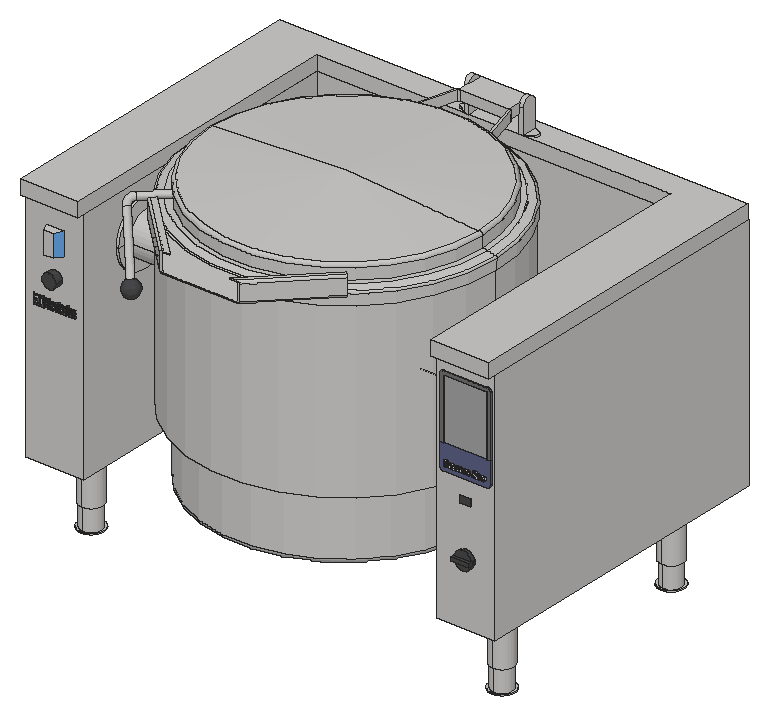
Revit family "QF_ELECTROLUXPROFESSIONAL_587180_PBOT15SCJO", category Attrezzature speciali, Revit 2020 (continued)
Definition of nested family "QF_ELECTROLUXPROFESSIONAL_PBOTS900_LEFT"
  Automatic sketch dimensions
    Extrusion 5 sketch curve to Extrusion 5 sketch curve = 0.826 mm  (x2)
    Extrusion 5 sketch curve to Extrusion 5 sketch curve = 0.126 mm  (x3)
    Extrusion 5 sketch curve to Extrusion 5 sketch curve = 2.333 mm
    Extrusion 5 sketch curve to Extrusion 5 sketch curve = 1.257 mm  (x2)
    Extrusion 5 sketch curve to Extrusion 5 sketch curve = 2.771 mm
    Extrusion 5 sketch curve to Extrusion 5 sketch curve = 1.497 mm
    Extrusion 5 sketch curve to Extrusion 5 sketch curve = 1.979 mm
    Extrusion 5 sketch curve to Extrusion 5 sketch curve = 1.653 mm
    Extrusion 5 sketch curve to Extrusion 5 sketch curve = 0.085 mm
    Extrusion 5 sketch curve to Extrusion 5 sketch curve = 0.315 mm
    Extrusion 5 sketch curve to Extrusion 5 sketch curve = 3.811 mm
    Extrusion 5 sketch curve to Extrusion 5 sketch curve = 2.136 mm  (x2)
    Extrusion 5 sketch curve to Extrusion 5 sketch curve = 2.352 mm  (x2)
    Extrusion 5 sketch curve to Extrusion 5 sketch curve = 3.797 mm
    Extrusion 5 sketch curve to Extrusion 5 sketch curve = 1.528 mm
    Extrusion 5 sketch curve to Extrusion 5 sketch curve = 1.476 mm  (x2)
    Extrusion 5 sketch curve to Extrusion 5 sketch curve = 1.469 mm  (x2)
    Extrusion 5 sketch curve to Extrusion 5 sketch curve = 3.728 mm
    Extrusion 5 sketch curve to Extrusion 5 sketch curve = 0.046 mm
    Extrusion 5 sketch curve to Extrusion 5 sketch curve = 0.177 mm
    Extrusion 5 sketch curve to Extrusion 5 sketch curve = 0.947 mm
    Extrusion 5 sketch curve to Extrusion 5 sketch curve = 0.308 mm
    Extrusion 5 sketch curve to Extrusion 5 sketch curve = 0.091 mm
    Extrusion 5 sketch curve to Extrusion 5 sketch curve = 2.375 mm
    Extrusion 5 sketch curve to Extrusion 5 sketch curve = 0.94 mm
    Extrusion 5 sketch curve to Extrusion 5 sketch curve = 0.54 mm
    Extrusion 5 sketch curve to Extrusion 5 sketch curve = 0.102 mm
    Extrusion 5 sketch curve to Extrusion 5 sketch curve = 0.002 mm  (x4)
    Extrusion 5 sketch curve to Extrusion 5 sketch curve = 0.105 mm
    Extrusion 5 sketch curve to Extrusion 5 sketch curve = 0.097 mm
    Extrusion 5 sketch curve to plane 3 "Center (Left/Right)" = 0.241 mm
    Extrusion 5 sketch curve to plane 3 "Center (Left/Right)" = 0.412 mm
    Extrusion 5 sketch curve to plane 3 "Center (Left/Right)" = 2.074 mm
    Extrusion 5 sketch curve to Extrusion 5 sketch curve = 1.777 mm
    Extrusion 5 sketch curve to plane 3 "Center (Left/Right)" = 2.704 mm
    Extrusion 5 sketch curve to Extrusion 5 sketch curve = 1.001 mm
    Extrusion 5 sketch curve to Extrusion 5 sketch curve = 1.393 mm  (x2)
    Extrusion 5 sketch curve to Extrusion 5 sketch curve = 2.363 mm
    Extrusion 5 sketch curve to Extrusion 5 sketch curve = 2.253 mm
    Extrusion 5 sketch curve to Extrusion 5 sketch curve = 0.014 mm  (x4)
    Extrusion 5 sketch curve to Extrusion 5 sketch curve = 0.172 mm
    Extrusion 5 sketch curve to Extrusion 5 sketch curve = 0.096 mm
    Extrusion 5 sketch curve to Extrusion 5 sketch curve = 0.164 mm
    Extrusion 5 sketch curve to Extrusion 5 sketch curve = 0.298 mm
    Extrusion 5 sketch curve to Extrusion 5 sketch curve = 0.247 mm
    Extrusion 5 sketch curve to Extrusion 5 sketch curve = 0.084 mm
    Extrusion 5 sketch curve to Extrusion 5 sketch curve = 6.484 mm
    Extrusion 5 sketch curve to Extrusion 5 sketch curve = 2.596 mm
    Extrusion 5 sketch curve to Extrusion 5 sketch curve = 0.059 mm  (x2)
    Extrusion 5 sketch curve to Extrusion 5 sketch curve = 3.889 mm
    Extrusion 5 sketch curve to Extrusion 5 sketch curve = 6.029 mm
    Extrusion 5 sketch curve to Extrusion 5 sketch curve = 0.929 mm
    Extrusion 5 sketch curve to Extrusion 5 sketch curve = 1.102 mm
    Extrusion 5 sketch curve to Extrusion 5 sketch curve = 0.756 mm  (x2)
    Extrusion 5 sketch curve to Extrusion 5 sketch curve = 0.852 mm
    Extrusion 5 sketch curve to Extrusion 5 sketch curve = 0.108 mm
    Extrusion 5 sketch curve to Extrusion 5 sketch curve = 0.101 mm
    Extrusion 5 sketch curve to Extrusion 5 sketch curve = 0.072 mm
    Extrusion 5 sketch curve to Extrusion 5 sketch curve = 1.67 mm
    Extrusion 5 sketch curve to Extrusion 5 sketch curve = 1.834 mm
    Extrusion 5 sketch curve to Extrusion 5 sketch curve = 0.366 mm
    Extrusion 5 sketch curve to Extrusion 5 sketch curve = 0.993 mm
    Extrusion 5 sketch curve to Extrusion 5 sketch curve = 0.81 mm
    Extrusion 5 sketch curve to Extrusion 5 sketch curve = 1.026 mm  (x2)
    Extrusion 5 sketch curve to Extrusion 5 sketch curve = 4.272 mm
    Extrusion 5 sketch curve to Extrusion 5 sketch curve = 0.163 mm
    Extrusion 5 sketch curve to Extrusion 5 sketch curve = 0.551 mm
    plane 14 to Extrusion 5 sketch curve = 6.023 mm
    Extrusion 5 sketch curve to Extrusion 5 sketch curve = 1.451 mm
    plane 14 to Extrusion 5 sketch curve = 5.28 mm
    Extrusion 5 sketch curve to Extrusion 5 sketch curve = 0.045 mm  (x2)
    Extrusion 5 sketch curve to Extrusion 5 sketch curve = 0.241 mm
    Extrusion 5 sketch curve to Extrusion 5 sketch curve = 0.039 mm
    Extrusion 5 sketch curve to Extrusion 5 sketch curve = 1.134 mm
    Extrusion 5 sketch curve to Extrusion 5 sketch curve = 2.351 mm
    Extrusion 5 sketch curve to plane 14 = 0.874 mm
    Extrusion 5 sketch curve to Extrusion 5 sketch curve = 10.128 mm
    Extrusion 5 sketch curve to Extrusion 5 sketch curve = 0.956 mm
    Extrusion 5 sketch curve to Extrusion 5 sketch curve = 1.263 mm
    Extrusion 5 sketch curve to Extrusion 5 sketch curve = 2.577 mm
    Extrusion 5 sketch curve to Extrusion 5 sketch curve = 0.243 mm
    Extrusion 5 sketch curve to Extrusion 5 sketch curve = 0.031 mm
    Extrusion 5 sketch curve to Extrusion 5 sketch curve = 7.148 mm
    Extrusion 5 sketch curve to Extrusion 5 sketch curve = 1.502 mm
    Extrusion 5 sketch curve to Extrusion 5 sketch curve = 11.54 mm
    Extrusion 5 sketch curve to Extrusion 5 sketch curve = 11.758 mm
    Extrusion 5 sketch curve to Extrusion 5 sketch curve = 4.097 mm
    Extrusion 5 sketch curve to Extrusion 5 sketch curve = 0.011 mm
    Extrusion 5 sketch curve to Extrusion 5 sketch curve = 4.488 mm
    plane 18 "CHW" to Extrusion 5 sketch curve = 191.223 mm
    Extrusion 5 sketch curve to Extrusion 5 sketch curve = 3.444 mm  (x2)
    Extrusion 5 sketch curve to Extrusion 5 sketch curve = 3.777 mm
    Extrusion 5 sketch curve to Extrusion 5 sketch curve = 1.093 mm
    Extrusion 5 sketch curve to Extrusion 5 sketch curve = 1.192 mm
    Extrusion 5 sketch curve to Extrusion 5 sketch curve = 0.319 mm
    Extrusion 5 sketch curve to Extrusion 5 sketch curve = 5.798 mm
    Extrusion 5 sketch curve to Extrusion 5 sketch curve = 2.021 mm
    Extrusion 5 sketch curve to Extrusion 5 sketch curve = 2.357 mm  (x3)
    Extrusion 5 sketch curve to Extrusion 5 sketch curve = 0.892 mm  (x3)
    Extrusion 5 sketch curve to Extrusion 5 sketch curve = 1.018 mm
    Extrusion 5 sketch curve to Extrusion 5 sketch curve = 3.382 mm  (x2)
    Extrusion 5 sketch curve to Extrusion 5 sketch curve = 2.117 mm
    Extrusion 5 sketch curve to Extrusion 5 sketch curve = 0.195 mm  (x2)
    Extrusion 5 sketch curve to Extrusion 5 sketch curve = 0.295 mm  (x2)
    Extrusion 5 sketch curve to Extrusion 5 sketch curve = 0.618 mm
    Extrusion 5 sketch curve to Extrusion 5 sketch curve = 0.385 mm  (x2)
    Extrusion 5 sketch curve to Extrusion 5 sketch curve = 1.626 mm  (x2)
    Extrusion 5 sketch curve to Extrusion 5 sketch curve = 1.65 mm
    Extrusion 5 sketch curve to Extrusion 5 sketch curve = 1.662 mm
    Extrusion 5 sketch curve to Extrusion 5 sketch curve = 0.013 mm  (x2)
    Extrusion 5 sketch curve to Extrusion 5 sketch curve = 0.292 mm
    Extrusion 5 sketch curve to Extrusion 5 sketch curve = 0.107 mm  (x2)
    Extrusion 5 sketch curve to Extrusion 5 sketch curve = 0.068 mm  (x2)
    Extrusion 5 sketch curve to Extrusion 5 sketch curve = 0.968 mm
    Extrusion 5 sketch curve to Extrusion 5 sketch curve = 0.365 mm
    Extrusion 5 sketch curve to Extrusion 5 sketch curve = 2.361 mm
    Extrusion 5 sketch curve to Extrusion 5 sketch curve = 2.359 mm
    Extrusion 5 sketch curve to Extrusion 5 sketch curve = 0.531 mm  (x2)
    Extrusion 5 sketch curve to Extrusion 5 sketch curve = 0.928 mm  (x2)
    Extrusion 5 sketch curve to Extrusion 5 sketch curve = 1.058 mm
    Extrusion 5 sketch curve to Extrusion 5 sketch curve = 0.297 mm  (x2)
    Extrusion 5 sketch curve to Extrusion 5 sketch curve = 0.155 mm  (x2)
    Extrusion 5 sketch curve to Extrusion 5 sketch curve = 1.305 mm
    Extrusion 5 sketch curve to Extrusion 5 sketch curve = 1.037 mm
    Extrusion 5 sketch curve to Extrusion 5 sketch curve = 0.182 mm  (x2)
    Extrusion 5 sketch curve to Extrusion 5 sketch curve = 0.607 mm  (x2)
    Extrusion 5 sketch curve to Extrusion 5 sketch curve = 0.304 mm  (x2)
    Extrusion 5 sketch curve to Extrusion 5 sketch curve = 0.372 mm  (x2)
    Extrusion 5 sketch curve to Extrusion 5 sketch curve = 0.016 mm  (x2)
    Extrusion 5 sketch curve to Extrusion 5 sketch curve = 0.996 mm
    Extrusion 5 sketch curve to Extrusion 5 sketch curve = 0.93 mm
    Extrusion 5 sketch curve to Extrusion 5 sketch curve = 0.709 mm  (x2)
    Extrusion 5 sketch curve to Extrusion 5 sketch curve = 1.752 mm
    Extrusion 5 sketch curve to Extrusion 5 sketch curve = 1.017 mm
    Extrusion 5 sketch curve to Extrusion 5 sketch curve = 4.718 mm
    Extrusion 5 sketch curve to Extrusion 5 sketch curve = 0.891 mm
    Extrusion 5 sketch curve to Extrusion 5 sketch curve = 3.826 mm
    Extrusion 5 sketch curve to Extrusion 5 sketch curve = 1.696 mm
    Extrusion 5 sketch curve to Extrusion 5 sketch curve = 0.954 mm
    Extrusion 5 sketch curve to Extrusion 5 sketch curve = 5.576 mm
    Extrusion 5 sketch curve to Extrusion 5 sketch curve = 5.657 mm  (x2)
    Extrusion 5 sketch curve to Extrusion 5 sketch curve = 5.661 mm  (x2)
    Extrusion 5 sketch curve to Extrusion 5 sketch curve = 0.006 mm
    Extrusion 5 sketch curve to Extrusion 5 sketch curve = 1.499 mm
    Extrusion 5 sketch curve to Extrusion 5 sketch curve = 7.186 mm
    Extrusion 5 sketch curve to Extrusion 5 sketch curve = 2.203 mm
    Extrusion 5 sketch curve to Extrusion 5 sketch curve = 2.21 mm
    Extrusion 5 sketch curve to Extrusion 5 sketch curve = 1.607 mm
    Extrusion 5 sketch curve to Extrusion 5 sketch curve = 3.479 mm
    Extrusion 5 sketch curve to Extrusion 5 sketch curve = 3.92 mm
    Extrusion 5 sketch curve to Extrusion 5 sketch curve = 0.05 mm
    Extrusion 5 sketch curve to Extrusion 5 sketch curve = 1.776 mm
    Extrusion 5 sketch curve to Extrusion 5 sketch curve = 4.017 mm
    Extrusion 5 sketch curve to Extrusion 5 sketch curve = 0.196 mm  (x2)
    Extrusion 5 sketch curve to Extrusion 5 sketch curve = 0.19 mm
    Extrusion 5 sketch curve to Extrusion 5 sketch curve = 1.312 mm
    Extrusion 5 sketch curve to Extrusion 5 sketch curve = 0.146 mm
    Extrusion 5 sketch curve to Extrusion 5 sketch curve = 2.831 mm
    Extrusion 5 sketch curve to Extrusion 5 sketch curve = 0.387 mm
    Extrusion 5 sketch curve to Extrusion 5 sketch curve = 0.174 mm
    Extrusion 5 sketch curve to Extrusion 5 sketch curve = 4.623 mm
    Extrusion 5 sketch curve to Extrusion 5 sketch curve = 1.754 mm
    Extrusion 5 sketch curve to Extrusion 5 sketch curve = 0.188 mm
    Extrusion 5 sketch curve to Extrusion 5 sketch curve = 0.02 mm
    Extrusion 5 sketch curve to Extrusion 5 sketch curve = 0.313 mm
    Extrusion 5 sketch curve to Extrusion 5 sketch curve = 0.12 mm
    Extrusion 5 sketch curve to Extrusion 5 sketch curve = 0.062 mm
    Extrusion 5 sketch curve to Extrusion 5 sketch curve = 0.568 mm
    Extrusion 5 sketch curve to Extrusion 5 sketch curve = 1.763 mm
    Extrusion 5 sketch curve to Extrusion 5 sketch curve = 0.095 mm
    Extrusion 5 sketch curve to Extrusion 5 sketch curve = 1.817 mm
    Extrusion 5 sketch curve to Extrusion 5 sketch curve = 0.357 mm
    Extrusion 5 sketch curve to Extrusion 5 sketch curve = 0.008 mm
    Extrusion 5 sketch curve to Extrusion 5 sketch curve = 0.36 mm
    Extrusion 5 sketch curve to Extrusion 5 sketch curve = 3.784 mm
    Extrusion 5 sketch curve to Extrusion 5 sketch curve = 1.654 mm
    Extrusion 5 sketch curve to Extrusion 5 sketch curve = 1.454 mm
    Extrusion 5 sketch curve to Extrusion 5 sketch curve = 1.705 mm
    Extrusion 5 sketch curve to Extrusion 5 sketch curve = 1.893 mm
    Extrusion 5 sketch curve to Extrusion 5 sketch curve = 3.429 mm
    Extrusion 5 sketch curve to Extrusion 5 sketch curve = 1.094 mm
    Extrusion 5 sketch curve to Extrusion 5 sketch curve = 2.218 mm
    Extrusion 5 sketch curve to Extrusion 5 sketch curve = 1.404 mm
    Extrusion 5 sketch curve to Extrusion 5 sketch curve = 5.763 mm
    Extrusion 5 sketch curve to Extrusion 5 sketch curve = 2.932 mm  (x2)
    Extrusion 5 sketch curve to Extrusion 5 sketch curve = 5.959 mm
    Extrusion 5 sketch curve to Extrusion 5 sketch curve = 1.424 mm
    Extrusion 5 sketch curve to Extrusion 5 sketch curve = 3.23 mm
    Extrusion 5 sketch curve to Extrusion 5 sketch curve = 1.975 mm
    Extrusion 5 sketch curve to Extrusion 5 sketch curve = 3.779 mm
    Extrusion 5 sketch curve to Extrusion 5 sketch curve = 2.212 mm
    Extrusion 5 sketch curve to Extrusion 5 sketch curve = 3.78 mm
    Extrusion 5 sketch curve to Extrusion 5 sketch curve = 1.279 mm
    Extrusion 5 sketch curve to Extrusion 5 sketch curve = 1.343 mm  (x2)
    Extrusion 5 sketch curve to Extrusion 5 sketch curve = 1.353 mm  (x2)
    Extrusion 5 sketch curve to Extrusion 5 sketch curve = 0.027 mm  (x2)
    Extrusion 5 sketch curve to Extrusion 5 sketch curve = 0.395 mm  (x2)
    Extrusion 5 sketch curve to Extrusion 5 sketch curve = 0.329 mm  (x2)
    Extrusion 5 sketch curve to Extrusion 5 sketch curve = 0.425 mm  (x2)
    Extrusion 5 sketch curve to Extrusion 5 sketch curve = 0.051 mm  (x2)
    Extrusion 5 sketch curve to Extrusion 5 sketch curve = 0.495 mm  (x2)
    Extrusion 5 sketch curve to Extrusion 5 sketch curve = 0.267 mm  (x2)
    Extrusion 5 sketch curve to Extrusion 5 sketch curve = 1.4 mm
    Extrusion 5 sketch curve to Extrusion 5 sketch curve = 5.233 mm
    Extrusion 5 sketch curve to Extrusion 5 sketch curve = 2.062 mm
    Extrusion 6 sketch curve to plane 13 "HW_CW" = 0.0 mm  (x2)
    Extrusion 6 sketch curve to plane 15 = 0.0 mm
    Extrusion 6 sketch curve to plane 14 = 0.0 mm
    Extrusion 7 sketch curve to plane 3 "Center (Left/Right)" = 0.0 mm
    Extrusion 7 sketch curve to plane 16 "SteamO" = 0.0 mm
    Extrusion 8 sketch curve to plane 3 "Center (Left/Right)" = 0.0 mm
    Extrusion 8 sketch curve to plane 17 "STEAM" = 0.0 mm
    radius of Extrusion 2 sketch curve = 20.0 mm
    radius of Extrusion 3 sketch curve = 6.35 mm  (x2)
    radius of Extrusion 5 sketch curve = 2.453 mm
    radius of Extrusion 5 sketch curve = 1.557 mm
    radius of Extrusion 5 sketch curve = 1.468 mm
    radius of Extrusion 5 sketch curve = 2.451 mm
    radius of Extrusion 6 sketch curve = 5.0 mm  (x2)
    radius of Extrusion 7 sketch curve = 12.7 mm
    radius of Extrusion 8 sketch curve = 12.7 mm
Definition of nested family "QF_ELECTROLUXPROFESSIONAL_PBOTS900_RIGHT"
  Parameters
    Width = 160.0 mm
    Steam_z = 140.0 mm
    Steam_y = 239.0 mm
    Right = Width / 2  # 80.0 mm
    Default Elevation = 0.0 mm
    Left = -Width / 2  # -80.0 mm
    Htop = 40.0 mm
    Height = 900.0 mm
    HBase = 200.0 mm
    EI_z = 250.0 mm
    EI_y = 312.0 mm
    Depth = 900.0 mm
    BorderFront = 20.0 mm
    Body Finish [instance] = none
  Reference planes
    plane 1 "Center (Front/Back)": y = 0
    plane 2: z = 0
    plane 3 "Center (Left/Right)": x = 0
    plane 4 "LEFT": x = -80
    plane 5 "RIGHT": x = 80
    plane 6 "BACK": y = 450
    plane 7 "FRONT": y = -450
    plane 8 "Base": z = 200
    plane 9 "TOP": z = 900
    plane 10 "BorderFront": y = -430
    plane 11: z = 860
    plane 12 "EI": z = 450
    plane 13: y = 138
    plane 14 "STEAM_y": y = 211
    plane 15 "Steam_z": z = 340
  Forms (mm)
    Extrusion 1, solid
      sketch origin (0, 0, 0) x (1, 0, 0) y (0, 1, 0)
        loop
          line (-80, 450) -> (-80, -430) -> (80, -430) -> (80, 450) -> (-80, 450)
      from 860 to 200
    Extrusion 2, solid
      sketch origin (0, -430, 0) x (-1, 0, 0) y (0, 0, 1)
        loop
          line (59.714, 823.989) -> (-61.821, 823.989)
          arc (-61.821, 823.989) -> (-68.892, 821.06) -> (-71.821, 813.989) r 10
          line (-71.821, 813.989) -> (-71.821, 644.744) -> (-61.821, 644.744) -> (-61.821, 813.989) -> (59.714, 813.989) -> (59.714, 644.744) -> (69.714, 644.744) -> (69.714, 813.989)
          arc (69.714, 813.989) -> (66.786, 821.06) -> (59.714, 823.989) r 10
      from 0 to -3
    Extrusion 3, solid
      sketch origin (0, -430, 0) x (-1, 0, 0) y (0, 0, 1)
        loop
          circle (0, 375.28) r 25
      from 0 to -10
    Extrusion 4, solid
      sketch origin (0, -430, 0) x (-1, 0, 0) y (0, 0, 1)
        loop
          line (24.382, 380.806) -> (-24.382, 380.806)
          arc (-24.382, 380.806) -> (-25, 375.28) -> (-24.382, 369.753) r 25
          line (-24.382, 369.753) -> (24.382, 369.753)
          arc (24.382, 369.753) -> (25, 375.28) -> (24.382, 380.806) r 25
      from 0 to -20
    Extrusion 5, solid
      sketch origin (0, -430, 0) x (-1, 0, 0) y (0, 0, 1)
        loop
          line (69.714, 585) -> (69.714, 644.744) -> (-71.821, 644.744) -> (-71.821, 585)
          arc (-71.821, 585) -> (-68.892, 577.929) -> (-61.821, 575) r 10
          line (-61.821, 575) -> (59.714, 575)
          arc (59.714, 575) -> (66.786, 577.929) -> (69.714, 585) r 10
      from -3 to 0
    Extrusion 6, solid
      sketch origin (234.714, -430, 0) x (-1, 0, 0) y (0, 0, 1)
        loop
          line (294.429, 813.989) -> (172.894, 813.989) -> (172.894, 644.744) -> (294.429, 644.744) -> (294.429, 813.989)
      from 0 to -3
    Extrusion 7, solid
      sketch origin (0, -430, 0) x (-1, 0, 0) y (0, 0, 1)
        loop
          line (15, 530) -> (-15, 530) -> (-15, 510) -> (15, 510) -> (15, 530)
      from -1.6 to 0
    Extrusion 8, solid
      sketch origin (0, 450, 0) x (-1, 0, 0) y (0, 0, 1)
        loop
          circle (0, 450) r 5
      from 0 to 2
    Extrusion 9, solid
      sketch origin (0, 0, 200) x (0, 1, 0) y (-1, 0, 0)
        loop
          circle (138, 0) r 10
      from 0 to -3
    Extrusion 10, solid
      sketch origin (0, 0, 200) x (0, 1, 0) y (-1, 0, 0)
        loop
          circle (211, 0) r 12.7
      from 0 to -3
    Extrusion 11, solid
      sketch origin (0, 450, 0) x (-1, 0, 0) y (0, 0, 1)
        loop
          circle (0, 340) r 12.7
      from 0 to 3
  Lines and regions (mm)
    symbolic lines
      curve 1: line (-80, 450, 0) -> (80, 450, 0)
      curve 2: line (80, 450, 0) -> (80, -430, 0)
  Dimensions and locks
    "Width": plane 4 "LEFT" to plane 5 "RIGHT"
    equal spacing: plane 4 "LEFT", plane 3 "Center (Left/Right)", plane 5 "RIGHT"
    equal spacing: plane 6 "BACK", plane 1 "Center (Front/Back)", plane 7 "FRONT"
    "Depth": plane 6 "BACK" to plane 7 "FRONT"
    "BorderFront": plane 10 "BorderFront" to plane 7 "FRONT"
    "Htop": plane 9 "TOP" to plane 11
    "Height": plane 9 "TOP" to level
    "HBase": plane 8 "Base" to level
    Extrusion 4 sketch curve to Extrusion 4 sketch curve = 11.053 mm
    "EI_y": plane 6 "BACK" to plane 13
    "EI_z": plane 12 "EI" to plane 8 "Base"
    "Steam_y": plane 6 "BACK" to plane 14 "STEAM_y"
    plane 15 "Steam_z" to plane 8 "Base" = 140.0 mm
    aligned and locked: level to plane 2
    aligned and locked: plane 10 "BorderFront" to Extrusion 1 sketch curve
    aligned and locked: plane 11 to Extrusion 1
    aligned and locked: Extrusion 1 to plane 8 "Base"
    aligned and locked: plane 4 "LEFT" to Extrusion 1 sketch curve
    aligned and locked: Extrusion 1 sketch curve to plane 5 "RIGHT"
    aligned and locked: Extrusion 1 sketch curve to plane 6 "BACK"
  Automatic sketch dimensions
    Extrusion 3 sketch curve to plane 3 "Center (Left/Right)" = 0.0 mm
    plane 8 "Base" to Extrusion 3 sketch curve = 175.28 mm
    Extrusion 4 sketch curve to Extrusion 4 sketch curve = 0.0 mm  (x3)
    Extrusion 4 sketch curve to plane 3 "Center (Left/Right)" = 0.0 mm
    plane 3 "Center (Left/Right)" to Extrusion 4 sketch curve = 24.382 mm
    Extrusion 4 sketch curve to plane 3 "Center (Left/Right)" = 24.382 mm
    plane 8 "Base" to Extrusion 4 sketch curve = 169.753 mm
    Extrusion 2 sketch curve to plane 5 "RIGHT" = 8.179 mm
    Extrusion 2 sketch curve to Extrusion 2 sketch curve = 10.0 mm  (x2)
    Extrusion 2 sketch curve to Extrusion 2 sketch curve = 0.0 mm  (x4)
    plane 4 "LEFT" to Extrusion 2 sketch curve = 20.286 mm
    Extrusion 2 sketch curve to plane 11 = 215.256 mm
    Extrusion 2 sketch curve to plane 11 = 46.011 mm
    Extrusion 5 sketch curve to plane 5 "RIGHT" = 8.179 mm
    plane 4 "LEFT" to Extrusion 5 sketch curve = 20.286 mm
    plane 4 "LEFT" to Extrusion 5 sketch curve = 10.286 mm
    Extrusion 5 sketch curve to plane 11 = 285.0 mm
    Extrusion 5 sketch curve to Extrusion 5 sketch curve = 59.744 mm
    Extrusion 5 sketch curve to Extrusion 5 sketch curve = 10.0 mm
    plane 4 "LEFT" to Extrusion 6 sketch curve = 20.286 mm
    Extrusion 6 sketch curve to plane 11 = 46.011 mm
    Extrusion 6 sketch curve to plane 5 "RIGHT" = 18.179 mm
    Extrusion 6 sketch curve to Extrusion 6 sketch curve = 169.244 mm
    Extrusion 8 sketch curve to plane 3 "Center (Left/Right)" = 0.0 mm
    Extrusion 8 sketch curve to plane 12 "EI" = 0.0 mm
    curve 1 to plane 4 "LEFT" = 0.0 mm
    curve 1 to plane 5 "RIGHT" = 0.0 mm
    curve 2 to plane 10 "BorderFront" = 0.0 mm
    curve 1 to plane 6 "BACK" = 0.0 mm
    plane 3 "Center (Left/Right)" to Extrusion 7 sketch curve = 15.0 mm
    Extrusion 7 sketch curve to plane 3 "Center (Left/Right)" = 15.0 mm
    plane 12 "EI" to Extrusion 7 sketch curve = 60.0 mm
    Extrusion 7 sketch curve to Extrusion 7 sketch curve = 20.0 mm
    Extrusion 9 sketch curve to plane 3 "Center (Left/Right)" = 0.0 mm
    Extrusion 9 sketch curve to plane 13 = 0.0 mm
    Extrusion 10 sketch curve to plane 3 "Center (Left/Right)" = 0.0 mm
    Extrusion 10 sketch curve to plane 14 "STEAM_y" = 0.0 mm
    Extrusion 11 sketch curve to plane 3 "Center (Left/Right)" = 0.0 mm
    Extrusion 11 sketch curve to plane 15 "Steam_z" = 0.0 mm
    radius of Extrusion 3 sketch curve = 25.0 mm
    radius of Extrusion 8 sketch curve = 5.0 mm
    radius of Extrusion 9 sketch curve = 10.0 mm
    radius of Extrusion 10 sketch curve = 12.7 mm
    radius of Extrusion 11 sketch curve = 12.7 mm
  Nested families
    nested 1: "ELX_ThermaLine" at (-0.906, -433, 593.675) x (1, 0, 0) z (0, -1, 0), type "ELX_ThermaLine"
      with Show Logo yes, Material_Logo none
  Definition of nested family "ELX_ThermaLine"
    Parameters
      Show Logo [instance] = yes
      Material_Logo [instance] = none
      Default Elevation = 0.0 mm
    Reference planes
      plane 1 "Centro (Fronte/Retro)": y = 0
      plane 2: z = 0
      plane 3 "Centro (Sinistra/Destra)": x = 0
    Forms (mm)
      Extrusion 1, solid
        sketch origin (0, 0, 0) x (1, 0, 0) y (0, 1, 0)
          loop
            line (-1219.2, 1219.2) -> (-1219.2, -1219.2) -> (1219.2, -1219.2) -> (1219.2, 1219.2) -> (-1219.2, 1219.2)
        from 0 to -304.8
      Extrusion 2, solid
        sketch origin (0, 0, 0) x (1, 0, 0) y (0, 1, 0)
          loop
            line (-52.84, 4.345) -> (-50.793, 4.345) -> (-50.793, 6.716) -> (-52.84, 6.716) -> (-52.84, 10.788) -> (-55.901, 9.058) -> (-55.901, 6.716) -> (-57.324, 6.716) -> (-57.324, 4.345) -> (-55.901, 4.345) -> (-55.901, -1.637)
            arc (-55.901, -1.637) -> (-54.76, -4.355) -> (-51.88, -4.985) r 3.198
            line (-51.88, -4.985) -> (-50.444, -4.597) -> (-50.782, -2.189) -> (-51.765, -2.453)
            arc (-51.765, -2.453) -> (-52.506, -2.305) -> (-52.84, -1.628) r 0.854
            line (-52.84, -1.628) -> (-52.84, 4.345)
          loop
            line (-48.642, 11.198) -> (-48.642, -4.787) -> (-45.561, -4.787) -> (-45.561, 2.659)
            arc (-45.561, 2.659) -> (-44.379, 4.372) -> (-42.304, 4.523) r 2.408
            arc (-42.304, 4.523) -> (-41.484, 3.75) -> (-41.182, 2.665) r 2.099
            line (-41.182, 2.665) -> (-41.182, -4.787) -> (-38.117, -4.787) -> (-38.088, 2.166)
            arc (-38.088, 2.166) -> (-38.343, 3.963) -> (-39.021, 5.646) r 7.517
            arc (-39.021, 5.646) -> (-42.369, 6.971) -> (-45.561, 5.303) r 4.327
            line (-45.561, 5.303) -> (-45.561, 11.198) -> (-48.642, 11.198)
          loop
            arc (-28.196, 1.988) -> (-28.834, 3.893) -> (-30.683, 4.679) r 2.449
            arc (-30.683, 4.679) -> (-32.149, 3.674) -> (-32.711, 1.988) r 2.793
            line (-32.711, 1.988) -> (-28.196, 1.988)
          loop
            arc (-25.128, 0.121) -> (-26.074, 4.342) -> (-29.545, 6.923) r 6.212
            arc (-29.545, 6.923) -> (-33.021, 6.358) -> (-35.352, 3.718) r 5.232
            arc (-35.352, 3.718) -> (-35.918, 1.148) -> (-35.633, -1.468) r 8.117
            arc (-35.633, -1.468) -> (-34.524, -3.319) -> (-32.789, -4.603) r 5.523
            arc (-32.789, -4.603) -> (-28.402, -4.744) -> (-25.297, -1.641) r 5.523
            line (-25.297, -1.641) -> (-28.327, -1.106)
            arc (-28.327, -1.106) -> (-29.324, -2.396) -> (-30.951, -2.501) r 1.982
            arc (-30.951, -2.501) -> (-32.276, -1.475) -> (-32.789, 0.121) r 2.835
            line (-32.789, 0.121) -> (-25.128, 0.121)
          loop
            line (-22.733, -4.787) -> (-19.705, -4.787) -> (-19.705, 0)
            arc (-19.705, 0) -> (-19.663, 1.267) -> (-19.469, 2.521) r 10.557
            arc (-19.469, 2.521) -> (-18.189, 4.014) -> (-16.237, 3.761) r 2.069
            line (-16.237, 3.761) -> (-15.318, 6.433)
            arc (-15.318, 6.433) -> (-17.915, 6.783) -> (-19.931, 5.11) r 3.262
            line (-19.931, 5.11) -> (-19.931, 6.752) -> (-22.733, 6.752) -> (-22.733, -4.787)
          loop
            line (-14.233, 6.752) -> (-14.233, -4.787) -> (-11.135, -4.787) -> (-11.135, 1.783)
            arc (-11.135, 1.783) -> (-10.552, 3.635) -> (-8.862, 4.59) r 2.646
            arc (-8.862, 4.59) -> (-7.677, 3.931) -> (-7.234, 2.65) r 1.899
            line (-7.234, 2.65) -> (-7.234, -4.787) -> (-4.155, -4.787) -> (-4.155, 1.467)
            arc (-4.155, 1.467) -> (-3.845, 2.923) -> (-2.97, 4.128) r 3.581
            arc (-2.97, 4.128) -> (-1.581, 4.474) -> (-0.516, 3.516) r 1.525
            arc (-0.516, 3.516) -> (-0.324, 2.735) -> (-0.304, 1.931) r 3.735
            line (-0.304, 1.931) -> (-0.304, -4.787) -> (2.776, -4.787) -> (2.776, 3.096)
            arc (2.776, 3.096) -> (1.833, 5.68) -> (-0.612, 6.942) r 3.784
            arc (-0.612, 6.942) -> (-2.795, 6.596) -> (-4.513, 5.205) r 4.271
            arc (-4.513, 5.205) -> (-5.893, 6.457) -> (-7.686, 6.964) r 4.079
            arc (-7.686, 6.964) -> (-9.75, 6.555) -> (-11.39, 5.237) r 4.412
            line (-11.39, 5.237) -> (-11.39, 6.752) -> (-14.233, 6.752)
          loop
            line (5.334, 3.712) -> (8.069, 3.23)
            arc (8.069, 3.23) -> (10.312, 4.685) -> (12.137, 2.73) r 2.082
            line (12.137, 2.73) -> (8.171, 1.741)
            arc (8.171, 1.741) -> (6.593, 1.022) -> (5.378, -0.215) r 4.758
            arc (5.378, -0.215) -> (5.225, -1.991) -> (5.744, -3.697) r 4.711
            arc (5.744, -3.697) -> (7.301, -4.682) -> (9.118, -4.992) r 4.691
            arc (9.118, -4.992) -> (10.903, -4.593) -> (12.411, -3.558) r 4.818
            line (12.411, -3.558) -> (12.81, -4.787) -> (15.873, -4.787) -> (15.179, -2.652) -> (15.179, 3.25)
            arc (15.179, 3.25) -> (14.773, 5.146) -> (13.38, 6.496) r 3.336
            arc (13.38, 6.496) -> (10.765, 7.201) -> (8.091, 6.773) r 6.459
            arc (8.091, 6.773) -> (6.348, 5.57) -> (5.334, 3.712) r 4.569
          loop
            line (21.001, -4.787) -> (24.24, -4.787) -> (27.623, 11.127) -> (24.384, 11.127) -> (21.001, -4.787)
          loop
            line (27.273, -4.787) -> (30.332, -4.787) -> (32.777, 6.716) -> (29.718, 6.716) -> (27.273, -4.787)
          loop
            line (30.656, 11.127) -> (30.058, 8.314) -> (33.117, 8.314) -> (33.715, 11.127) -> (30.656, 11.127)
          loop
            line (33.431, -4.787) -> (36.649, -4.787) -> (38.261, 2.796)
            arc (38.261, 2.796) -> (39.644, 4.445) -> (41.791, 4.594) r 2.751
            arc (41.791, 4.594) -> (42.425, 3.729) -> (42.502, 2.659) r 1.936
            line (42.502, 2.659) -> (40.919, -4.787) -> (43.989, -4.787) -> (45.795, 3.712)
            arc (45.795, 3.712) -> (45.588, 5.458) -> (44.361, 6.716) r 2.734
            arc (44.361, 6.716) -> (41.222, 6.857) -> (38.516, 5.259) r 5.512
            line (38.516, 5.259) -> (38.826, 6.716) -> (35.876, 6.716) -> (33.431, -4.787)
          loop
            line (50.773, 1.934) -> (55.672, 1.934)
            arc (55.672, 1.934) -> (55.737, 2.919) -> (55.334, 3.821) r 2.051
            arc (55.334, 3.821) -> (53.773, 4.722) -> (52.024, 4.287) r 2.407
            arc (52.024, 4.287) -> (51.223, 3.203) -> (50.773, 1.934) r 4.566
          loop
            line (50.479, 0) -> (58.259, 0)
            arc (58.259, 0) -> (58.241, 3.53) -> (56.181, 6.396) r 5.8
            arc (56.181, 6.396) -> (52.577, 6.992) -> (49.395, 5.199) r 5.498
            arc (49.395, 5.199) -> (47.819, 2.372) -> (47.536, -0.853) r 7.747
            arc (47.536, -0.853) -> (48.406, -3.006) -> (50.236, -4.437) r 4.494
            arc (50.236, -4.437) -> (52.672, -4.934) -> (55.109, -4.437) r 6.224
            arc (55.109, -4.437) -> (56.76, -3.346) -> (57.916, -1.739) r 5.478
            line (57.916, -1.739) -> (55.129, -1.247)
            arc (55.129, -1.247) -> (53.897, -2.495) -> (52.149, -2.637) r 2.52
            arc (52.149, -2.637) -> (50.809, -1.638) -> (50.479, 0) r 2.336
          loop
            line (12.154, 0.755) -> (8.732, -0.098)
            arc (8.732, -0.098) -> (8.126, -1.288) -> (8.732, -2.478) r 1.471
            arc (8.732, -2.478) -> (10.437, -2.725) -> (11.827, -1.706) r 2.276
            arc (11.827, -1.706) -> (12.142, -0.496) -> (12.154, 0.755) r 5.123
        from 0 to 1.6
    Dimensions and locks
      aligned and locked: plane 2 to Extrusion 1
      aligned and locked: level to Extrusion 1
Definition of nested family "QF_ELECTROLUXPROFESSIONAL_2FEET_THL_120xH200"
  Parameters
    Width = 120.0 mm
    Right = Width / 2  # 60.0 mm
    Default Elevation = 0.0 mm
    Left = -Width / 2  # -60.0 mm
    Height = 200.0 mm
    HBase = Height - 15.0 mm  # 185.0 mm
    Depth = 880.0 mm
  Reference planes
    plane 1 "Center (Front/Back)": y = 0
    plane 2: z = 0
    plane 3 "Center (Left/Right)": x = 0
    plane 4 "LEFT": x = -60
    plane 5 "RIGHT": x = 60
    plane 6 "BACK": y = 440
    plane 7 "FRONT": y = -440
    plane 8 "Base": z = 185
    plane 9 "TOP": z = 200
    plane 10: y = 283
    plane 11: y = -304
    plane 12: y = 368
    plane 13: y = -388
    plane 14: x = -80
  Forms (mm)
    Extrusion 1, solid
      sketch origin (0, 0, 200) x (0, 1, 0) y (-1, 0, 0)
        loop
          line (368, 60) -> (-388, 60) -> (-388, -60) -> (368, -60) -> (368, 60)
      from 0 to -15
    Revolve 2, solid
      sketch origin (0, 0, 0) x (0, 1, 0) y (0, 0, 1)
        loop
          line (283, 0) -> (318, 0) -> (318, 2) -> (311.179, 2) -> (311.179, 63) -> (314.75, 63) -> (314.75, 185) -> (283, 185) -> (283, 0)
        axis (283, 185) -> (283, 0)
      angle from 0 to 360
    Revolve 3, solid
      sketch origin (0, 0, 0) x (0, 1, 0) y (0, 0, 1)
        loop
          line (-304, 185) -> (-304, 0) -> (-269, 0) -> (-269, 2) -> (-275.821, 2) -> (-275.821, 63) -> (-272.25, 63) -> (-272.25, 185) -> (-304, 185)
        axis (-304, 185) -> (-304, 0)
      angle from 0 to 360
  Dimensions and locks
    "Width": plane 4 "LEFT" to plane 5 "RIGHT"
    equal spacing: plane 4 "LEFT", plane 3 "Center (Left/Right)", plane 5 "RIGHT"
    equal spacing: plane 6 "BACK", plane 1 "Center (Front/Back)", plane 7 "FRONT"
    "Depth": plane 6 "BACK" to plane 7 "FRONT"
    "HBase": plane 8 "Base" to level
    "Height": plane 9 "TOP" to level
    locked: plane 6 "BACK" to plane 10 at 157
    locked: plane 10 to plane 11 at 587
    plane 6 "BACK" to plane 12 = 72.0 mm
    plane 13 to plane 7 "FRONT" = 52.0 mm
    plane 12 to plane 13 = 756.0 mm
    plane 14 to plane 3 "Center (Left/Right)" = 80.0 mm
    aligned and locked: level to plane 2
    aligned and locked: Extrusion 1 sketch curve to plane 5 "RIGHT"
    aligned and locked: plane 4 "LEFT" to Extrusion 1 sketch curve
    aligned and locked: Extrusion 1 to plane 8 "Base"
    aligned and locked: Extrusion 1 sketch curve to plane 12
    aligned and locked: plane 13 to Extrusion 1 sketch curve
  Automatic sketch dimensions
    Revolve 2 sketch curve to level = 0.0 mm
    Revolve 2 sketch curve to plane 10 = 0.0 mm  (x2)
    Revolve 2 sketch curve to plane 8 "Base" = 0.0 mm
    plane 10 to Revolve 2 sketch curve = 28.179 mm
    Revolve 2 sketch curve to Revolve 2 sketch curve = 31.75 mm
    Revolve 2 sketch curve to Revolve 2 sketch curve = 6.821 mm
    level to Revolve 2 sketch curve = 2.0 mm
    Revolve 2 sketch curve to Revolve 2 sketch curve = 61.0 mm
    Revolve 2 sketch curve to level = 50.0 mm
    plane 9 "TOP" to Revolve 2 sketch curve = 70.0 mm
    Revolve 3 sketch curve to plane 11 = 0.0 mm
    Revolve 3 sketch curve to level = 0.0 mm
    Revolve 3 sketch curve to plane 10 = 587.0 mm
    Revolve 3 sketch curve to plane 8 "Base" = 0.0 mm
    Revolve 3 sketch curve to plane 10 = 558.821 mm
    Revolve 3 sketch curve to Revolve 3 sketch curve = 3.571 mm
    Revolve 3 sketch curve to Revolve 3 sketch curve = 6.821 mm
    level to Revolve 3 sketch curve = 2.0 mm
    Revolve 3 sketch curve to Revolve 3 sketch curve = 61.0 mm
    Revolve 3 sketch curve to level = 180.0 mm
    plane 9 "TOP" to Revolve 3 sketch curve = 205.0 mm
Definition of nested family "QF_ELECTROLUXPROFESSIONAL_PBOT900_LEVEL1"
  Parameters
    Default Elevation = 0.0 mm
    Assembly Code = ""
  Reference planes
    plane 1 "Center (Front/Back)": y = 0
    plane 2: z = 0
    plane 3 "Center (Left/Right)": x = 0
  Forms (mm)
    Sweep 1, solid
      path origin (0, 0, 0) x (1, 0, 0) y (0, 0.5, 0.866025)
        loop
          line (0, 0) -> (-80, 0)
          arc (-80, 0) -> (-94.142, -5.858) -> (-100, -20) r 20
          line (-100, -20) -> (-100, -200)
      profile origin (-40, 0, 0) x (0, -0.5, -0.866025) y (0, -0.866025, 0.5)
        loop
          circle (0, 0) r 9
    Revolve 2, solid
      sketch origin (-20, 0, 0) x (1, 0, 0) y (0, 0.5, 0.866025)
        loop
          arc (-57.5, -200) -> (-80, -177.5) -> (-102.5, -200) r 22.5
          line (-102.5, -200) -> (-57.5, -200)
        axis (-102.5, -200) -> (-57.5, -200)
      angle from 0 to 360
  Lines and regions (mm)
    symbolic lines
      curve 1: line (0, -9, 0) -> (-80, -9, 0)
      curve 2: line (0, 9, 0) -> (-80, 9, 0)
      curve 3: line (-91, -80, 0) -> (-91, -15, 0)
      curve 4: line (-109, -80, 0) -> (-109, -10, 0)
      curve 5: arc (-109, -10, 0) -> (-97.335, 3.827, 0) -> (-80, 9, 0) r 31.632
      curve 6: arc (-91, -15, 0) -> (-86.265, -10.598, 0) -> (-80, -9, 0) r 13.083
      curve 7: spline (-77.953, -100, 0) -> (-78.704, -94.175, 0) -> (-80.907, -88.747, 0) -> (-84.41, -84.087, 0) -> (-88.977, -80.51, 0) -> (-94.294, -78.262, 0) -> (-100, -77.495, 0) -> (-105.706, -78.262, 0) -> (-111.023, -80.51, 0) -> (-115.59, -84.087, 0) -> (-119.093, -88.747, 0) -> (-121.296, -94.175, 0) -> (-122.047, -100, 0) -> (-121.296, -105.825, 0) -> (-119.093, -111.253, 0) -> (-115.59, -115.913, 0) -> (-111.023, -119.49, 0) -> (-105.706, -121.738, 0) -> (-100, -122.505, 0) -> (-94.294, -121.738, 0) -> (-88.977, -119.49, 0) -> (-84.41, -115.913, 0) -> (-80.907, -111.253, 0) -> (-78.704, -105.825, 0) -> (-77.953, -100, 0)
  Dimensions and locks
    aligned and locked: level to plane 2
